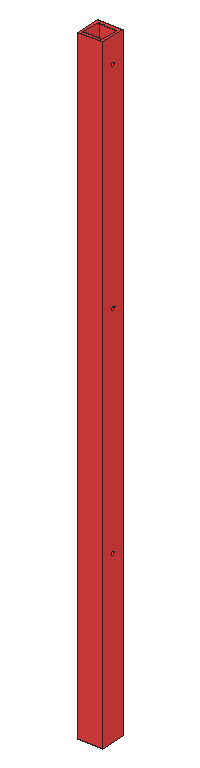
Revit family "Handrail Post CB", category Generic Models, Revit 2019
Family settings
  Can host rebar = No
  Round Connector Dimension = Use Diameter
  Part Type = Normal
  Work Plane-Based = No
  Always vertical = Yes
  Cut with Voids When Loaded = No
  Shared = No
  Room Calculation Point = No
Parameters
  Vat Lieu = Steel
Reference planes
  plane 1 "Center (Front/Back)": y = 0
  plane 2: z = 0
  plane 3 "Center (Left/Right)": x = 0
  plane 4: x = 50
  plane 5: x = 150
  plane 6: x = 390
  plane 7: z = 190
  plane 8: z = 230
  plane 9: y = -5
  plane 10: y = -25
  plane 11: y = 25
  plane 12: z = 1270
  plane 13: z = 1220
  plane 14: z = 780
  plane 15: z = 340
Forms (mm)
  Extrusion 1, solid, material "Steel" <- "Vat Lieu"
    sketch origin (390, 0, 0) x (-1, 0, 0) y (0, -1, 0)
      loop
        line (0, 25) -> (0, -25) -> (50, -25) -> (50, 25) -> (0, 25)
      loop
        line (45, 20) -> (5, 20) -> (5, -20) -> (45, -20) -> (45, 20)
    from 0 to 1270
  Extrusion 2, void
    sketch origin (390, 0, 0) x (0, -1, 0) y (0, 0, 1)
      loop
        circle (0, 1220) r 4.5
      loop
        circle (0, 780) r 4.5
      loop
        circle (0, 340) r 4.5
    from 0 to 50
Cuts and joins
  Extrusion 2 cuts Extrusion 1
Dimensions and locks
  Extrusion 1 to plane 1 "Center (Front/Back)" = 25 mm
  aligned and locked: level to plane 2
